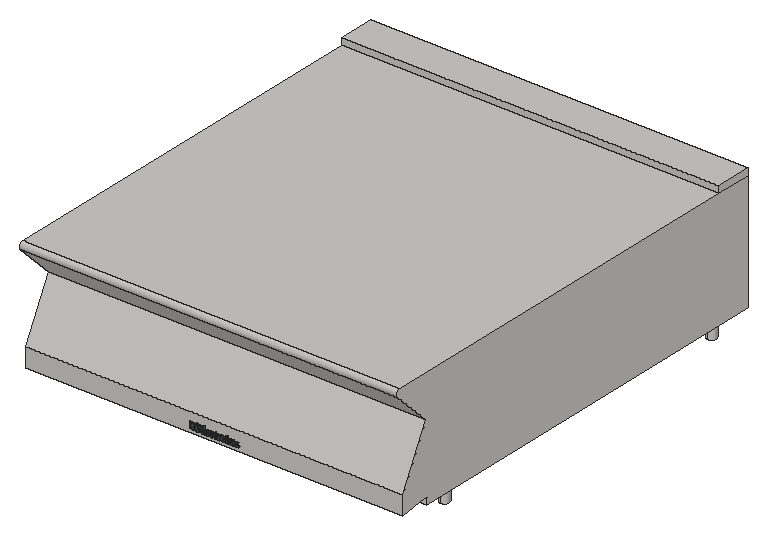
Revit family "QF_ELECTROLUXPROFESSIONAL_391160_E9WTNHN000", category Specialty Equipment, Revit 2018
Family settings
  Round Connector Dimension = Use Diameter
  Part Type = Normal
  Work Plane-Based = No
  Always vertical = Yes
  Cut with Voids When Loaded = No
  Shared = No
  Room Calculation Point = No
Parameters
  Width = 800 mm  # constant formula
  Weight in Pounds = 44
  URL Cutsheet = "www.electrolux.com"
  URL = "www.electrolux.com"
  Type Mark [instance] = ""
  Status [instance] = ""
  Specification by User [instance] = ""
  Specification by Manufacturer = ""
  Show Logo [instance] = yes
  Serial Number = ""
  Seismic Rating = ""
  SMACNA No = ""
  Revision Code [instance] = ""
  Omniclass Number and Title = ""
  NAFEM Spec ID Number = ""
  Model = "391160"
  Masterspec = ""
  Manufacturer = "ELECTROLUX"
  Item Number [instance] = ""
  Installed By [instance] = ""
  Identify Quantity as Lot [instance] = yes
  Height = 289 mm  # constant formula
  Furnished By [instance] = ""
  Foodservice Equipment Identifier [instance] = yes
  Direct Waste Size = 0"
  Description = "900XP AMBIENT WORKTOP-800MM"
  Depth = 930 mm  # constant formula
  CSI MasterFormat = ""
  CSI Master Format = ""
  Base Height = 24 mm  # constant formula
Reference planes
  plane 1 "BACK": y = 0
  plane 2: z = 0
  plane 3 "LEFT": x = 0
  plane 4 "RIGHT": x = 800
  plane 5 "FRONT": y = -930
  plane 6 "TOP": z = 274.638
  plane 7 "Center Y": x = 400
  plane 8 "Center X": y = -465
  plane 9: z = 24
  plane 10: z = 289
  plane 11: y = -82
  plane 12: y = -790
Forms (mm)
  Extrusion 1, solid, material "QF_Finishes_Stainless Steel"
    sketch origin (0, 0, 0) x (0, 1, 0) y (0, 0, 1)
      loop
        line (0, 24) -> (0, 274.637) -> (-921.37, 274.638)
        arc (-921.37, 274.638) -> (-929.343, 269.31) -> (-927.472, 259.906) r 8.63
        line (-927.472, 259.906) -> (-853.91, 186.343) -> (-914.833, 70.673) -> (-914.833, 30.491) -> (-855.71, 38.8)
        arc (-855.71, 38.8) -> (-853.185, 38.052) -> (-852.093, 35.656) r 3.175
        line (-852.093, 35.656) -> (-852.093, 24) -> (0, 24)
    from 0 to 800
  Extrusion 2, solid, material "QF_Finishes_Stainless Steel"
    sketch origin (0, -199.871, 0) x (1, 0, 0) y (0, 1, 0)
      loop
        circle (11.112, 117.871) r 9.525
      loop
        circle (788.888, 117.871) r 9.525
      loop
        circle (11.112, -590.129) r 9.525
      loop
        circle (788.888, -590.129) r 9.525
    from 0 to 23.812
  Extrusion 3, solid, material "QF_Finishes_Stainless Steel"
    sketch origin (0, -199.871, 0) x (0, 1, 0) y (0, 0, 1)
      loop
        line (199.871, 274.638) -> (199.871, 289) -> (123.671, 289) -> (123.671, 274.638) -> (199.871, 274.638)
    from 0 to 800
  Extrusion 4, solid, material "QF_Finishes_Navy Blue", visible <- "Show Logo"
    sketch origin (0, -914.833, 30.491) x (0, 0, 1) y (-1, 0, 0)
      loop
        line (21.086, -357.439) -> (8.72, -357.439)
        arc (8.72, -357.439) -> (14.903, -362.01) -> (21.086, -357.439) r 6.467
      loop
        arc (21.086, -356.81) -> (19.917, -351.667) -> (15.261, -349.189) r 6.338
        line (15.261, -349.189) -> (15.261, -351.235)
        arc (15.261, -351.235) -> (16.745, -354.89) -> (20.191, -356.81) r 5.941
        line (20.191, -356.81) -> (21.086, -356.81)
      loop
        arc (9.615, -356.81) -> (13.061, -354.89) -> (14.544, -351.235) r 5.941
        line (14.544, -351.235) -> (14.544, -349.189)
        arc (14.544, -349.189) -> (9.85, -351.663) -> (8.561, -356.81) r 6.504
        line (8.561, -356.81) -> (9.615, -356.81)
      loop
        line (21.761, -348.72) -> (8.017, -348.72) -> (8.017, -362.483) -> (21.761, -362.483) -> (21.761, -348.72)
      loop
        arc (21.845, -365.45) -> (21.497, -365.093) -> (21.13, -365.431) r 0.358
        arc (21.13, -365.431) -> (20.816, -366.181) -> (20.099, -366.566) r 1.216
        line (20.099, -366.566) -> (9.686, -366.566)
        arc (9.686, -366.566) -> (9.026, -366.288) -> (8.63, -365.692) r 1.238
        arc (8.63, -365.692) -> (8.236, -365.441) -> (7.93, -365.795) r 0.358
        line (7.93, -365.795) -> (7.93, -375.674) -> (10.681, -375.674) -> (10.681, -374.777)
        arc (10.681, -374.777) -> (9.772, -374.197) -> (9.316, -373.22) r 1.928
        line (9.316, -373.22) -> (9.316, -370.721)
        arc (9.316, -370.721) -> (9.592, -369.992) -> (10.281, -369.628) r 1.101
        line (10.281, -369.628) -> (14.367, -369.628) -> (14.367, -373.301)
        arc (14.367, -373.301) -> (14.014, -373.798) -> (13.449, -374.026) r 1.083
        arc (13.449, -374.026) -> (13.186, -374.332) -> (13.478, -374.61) r 0.292
        line (13.478, -374.61) -> (16.44, -374.61)
        arc (16.44, -374.61) -> (16.743, -374.337) -> (16.504, -374.007) r 0.305
        arc (16.504, -374.007) -> (16.014, -373.759) -> (15.709, -373.301) r 1.083
        line (15.709, -373.301) -> (15.709, -369.628) -> (20.386, -369.628) -> (20.386, -373.375)
        arc (20.386, -373.375) -> (20.172, -374.131) -> (19.565, -374.629) r 1.314
        arc (19.565, -374.629) -> (19.346, -375.033) -> (19.7, -375.325) r 0.361
        line (19.7, -375.325) -> (21.845, -375.325) -> (21.845, -365.45)
      loop
        arc (21.127, -376.106) -> (20.747, -377.024) -> (19.828, -377.405) r 1.299
        line (19.828, -377.405) -> (10.249, -377.405)
        arc (10.249, -377.405) -> (9.412, -377.027) -> (9.14, -376.149) r 1.118
        line (9.14, -376.149) -> (7.93, -376.149) -> (7.93, -381.499) -> (9.119, -381.499)
        arc (9.119, -381.499) -> (9.39, -380.582) -> (10.26, -380.186) r 1.153
        line (10.26, -380.186) -> (22.332, -380.186) -> (21.127, -376.106)
      loop
        line (12.895, -384.135) -> (12.895, -390.582) -> (13.694, -390.582)
        arc (13.694, -390.582) -> (16.275, -389.598) -> (17.543, -387.144) r 3.874
        line (17.543, -387.144) -> (17.543, -385.384)
        arc (17.543, -385.384) -> (16.357, -382.519) -> (13.492, -381.333) r 4.051
        line (13.492, -381.333) -> (11.484, -381.333)
        arc (11.484, -381.333) -> (8.666, -382.818) -> (7.614, -385.825) r 4.352
        arc (7.614, -385.825) -> (7.978, -388.288) -> (9.356, -390.362) r 5.713
        line (9.356, -390.362) -> (10.305, -390.362)
        arc (10.305, -390.362) -> (9.572, -388.793) -> (9.356, -387.075) r 5.579
        arc (9.356, -387.075) -> (10.15, -385.112) -> (12.029, -384.135) r 3.057
        line (12.029, -384.135) -> (12.895, -384.135)
      loop
        line (14.154, -384.135) -> (14.154, -387.717)
        arc (14.154, -387.717) -> (15.611, -387.764) -> (16.494, -386.605) r 1.59
        line (16.494, -386.605) -> (16.494, -385.775)
        arc (16.494, -385.775) -> (15.63, -384.52) -> (14.154, -384.135) r 2.184
      loop
        arc (16.945, -400) -> (17.434, -398.326) -> (17.592, -396.589) r 9.023
        line (17.592, -396.589) -> (17.592, -395.226)
        arc (17.592, -395.226) -> (16.432, -392.427) -> (13.633, -391.267) r 3.959
        line (13.633, -391.267) -> (11.032, -391.267)
        arc (11.032, -391.267) -> (8.751, -392.56) -> (7.633, -394.933) r 4.331
        line (7.633, -394.933) -> (7.633, -397.068)
        arc (7.633, -397.068) -> (8.141, -398.618) -> (9.063, -399.964) r 5.772
        arc (9.063, -399.964) -> (9.825, -400.015) -> (9.911, -399.256) r 0.553
        arc (9.911, -399.256) -> (9.523, -398.522) -> (9.389, -397.703) r 2.573
        line (9.389, -397.703) -> (9.389, -396.188)
        arc (9.389, -396.188) -> (10.395, -394.546) -> (12.21, -393.904) r 2.884
        line (12.21, -393.904) -> (13.489, -393.904)
        arc (13.489, -393.904) -> (15.31, -394.464) -> (16.236, -396.129) r 2.554
        line (16.236, -396.129) -> (16.236, -397.182)
        arc (16.236, -397.182) -> (15.905, -398.11) -> (15.248, -398.845) r 2.564
        arc (15.248, -398.845) -> (15.026, -399.562) -> (15.636, -400) r 0.643
        line (15.636, -400) -> (16.945, -400)
      loop
        line (15.927, -400.27) -> (15.927, -401.771) -> (9.879, -401.771)
        arc (9.879, -401.771) -> (8.291, -402.429) -> (7.633, -404.017) r 2.246
        line (7.633, -404.017) -> (7.633, -405.601)
        arc (7.633, -405.601) -> (7.947, -406.465) -> (8.448, -407.237) r 4.06
        arc (8.448, -407.237) -> (9.18, -407.37) -> (9.431, -406.669) r 0.576
        arc (9.431, -406.669) -> (9.325, -406.143) -> (9.389, -405.611) r 1.69
        arc (9.389, -405.611) -> (9.931, -404.823) -> (10.837, -404.52) r 1.506
        line (10.837, -404.52) -> (15.975, -404.52) -> (15.975, -406.917) -> (16.532, -407.473) -> (17.353, -407.473) -> (17.353, -404.614) -> (20.585, -404.614) -> (15.927, -400.27)
      loop
        line (7.851, -408.371) -> (7.851, -413.758) -> (8.961, -413.758)
        arc (8.961, -413.758) -> (9.355, -412.807) -> (10.306, -412.413) r 1.345
        line (10.306, -412.413) -> (13.922, -412.413)
        arc (13.922, -412.413) -> (14.686, -413.005) -> (14.976, -413.927) r 1.615
        line (14.976, -413.927) -> (14.976, -415.483) -> (17.532, -416.168) -> (17.532, -414.785) -> (15.589, -412.226) -> (17.469, -412.226) -> (17.185, -409.52)
        arc (17.185, -409.52) -> (16.745, -408.99) -> (16.087, -409.191) r 0.621
        arc (16.087, -409.191) -> (15.686, -409.533) -> (15.192, -409.716) r 1.501
        line (15.192, -409.716) -> (10.306, -409.716)
        arc (10.306, -409.716) -> (9.355, -409.322) -> (8.961, -408.371) r 1.345
        line (8.961, -408.371) -> (7.851, -408.371)
      loop
        line (13.952, -415.705) -> (11.26, -415.705)
        arc (11.26, -415.705) -> (8.815, -417.013) -> (7.681, -419.543) r 4.288
        arc (7.681, -419.543) -> (7.617, -420.924) -> (7.681, -422.304) r 15.022
        arc (7.681, -422.304) -> (8.815, -424.835) -> (11.26, -426.142) r 4.288
        line (11.26, -426.142) -> (13.952, -426.142)
        arc (13.952, -426.142) -> (16.398, -424.835) -> (17.532, -422.304) r 4.288
        arc (17.532, -422.304) -> (17.595, -420.924) -> (17.532, -419.543) r 15.022
        arc (17.532, -419.543) -> (16.398, -417.013) -> (13.952, -415.705) r 4.288
      loop
        line (14.157, -418.819) -> (11.056, -418.819)
        arc (11.056, -418.819) -> (8.899, -420.976) -> (11.056, -423.133) r 2.157
        line (11.056, -423.133) -> (14.157, -423.133)
        arc (14.157, -423.133) -> (16.314, -420.976) -> (14.157, -418.819) r 2.157
      loop
        arc (21.138, -426) -> (20.768, -426.894) -> (19.874, -427.265) r 1.264
        line (19.874, -427.265) -> (10.009, -427.265)
        arc (10.009, -427.265) -> (9.139, -426.868) -> (8.868, -425.952) r 1.153
        line (8.868, -425.952) -> (7.93, -425.952) -> (7.93, -431.06) -> (8.858, -431.06)
        arc (8.858, -431.06) -> (9.218, -430.288) -> (10.009, -429.973) r 1.153
        line (10.009, -429.973) -> (22.332, -429.973) -> (21.138, -426)
      loop
        arc (16.258, -430.597) -> (16.059, -431.662) -> (15.09, -432.144) r 1.215
        line (15.09, -432.144) -> (10.07, -432.144)
        arc (10.07, -432.144) -> (8.455, -432.791) -> (7.735, -434.374) r 2.338
        line (7.735, -434.374) -> (7.735, -435.889)
        arc (7.735, -435.889) -> (7.909, -436.893) -> (8.412, -437.779) r 2.979
        line (8.412, -437.779) -> (7.93, -439.576) -> (7.93, -441.264) -> (17.356, -441.264) -> (17.062, -437.061) -> (16.275, -437.061)
        arc (16.275, -437.061) -> (15.92, -437.897) -> (15.167, -438.406) r 1.605
        line (15.167, -438.406) -> (10.064, -438.406)
        arc (10.064, -438.406) -> (9.644, -437.469) -> (9.571, -436.445) r 2.94
        arc (9.571, -436.445) -> (10.132, -435.344) -> (11.286, -434.901) r 1.724
        line (11.286, -434.901) -> (17.482, -434.901) -> (16.258, -430.597)
      loop
        line (17.287, -442.118) -> (15.614, -444.164) -> (12.44, -446.47) -> (8.984, -443.358)
        arc (8.984, -443.358) -> (8.747, -442.964) -> (8.769, -442.505) r 0.789
        line (8.769, -442.505) -> (7.93, -442.505) -> (7.93, -446.05) -> (8.756, -446.05)
        arc (8.756, -446.05) -> (9.099, -445.688) -> (9.589, -445.78) r 0.52
        line (9.589, -445.78) -> (11.389, -447.251) -> (9.27, -448.626)
        arc (9.27, -448.626) -> (8.869, -448.316) -> (8.782, -447.817) r 0.7
        line (8.782, -447.817) -> (7.93, -447.817) -> (7.93, -453.744) -> (8.817, -453.744)
        arc (8.817, -453.744) -> (8.884, -453.085) -> (9.279, -452.553) r 1.247
        line (9.279, -452.553) -> (13.478, -449.272) -> (15.925, -451.326) -> (17.287, -453.068) -> (17.287, -449.344) -> (15.801, -449.767) -> (14.28, -448.49) -> (15.98, -447.3) -> (17.287, -448.076) -> (17.287, -442.118)
    from 0 to 1.644
Lines and regions (mm)
  symbolic lines
    curve 1: line (0, -930, 0) -> (800, -930, 0)
    curve 2: line (0, 0, 0) -> (0, -930, 0)
    curve 3: line (800, 0, 0) -> (0, 0, 0)
    curve 4: line (800, -930, 0) -> (800, 0, 0)
    curve 5: line (0, -76.2, 0) -> (800, -76.2, 0)
    curve 6: line (0, -923.65, 0) -> (800, -923.65, 0)
Dimensions and locks
  equal spacing: plane 3 "LEFT", plane 7 "Center Y", plane 4 "RIGHT"
  "Width": plane 3 "LEFT" to plane 4 "RIGHT"
  equal spacing: plane 5 "FRONT", plane 8 "Center X", plane 1 "BACK"
  "Depth": plane 5 "FRONT" to plane 1 "BACK"
  "Height": plane 10 to level
  "Base Height": plane 9 to level
  Extrusion 1 to plane 9 = 250.637 mm
  plane 9 to plane 2 = 24 mm
  plane 11 to plane 1 "BACK" = 82 mm
  plane 12 to plane 11 = 708 mm
  Extrusion 1 to plane 12 = 124.833 mm
  Extrusion 1 to plane 1 "BACK" = 914.833 mm
  aligned and locked: level to plane 2
  aligned and locked: Extrusion 3 to Extrusion 1
Automatic sketch dimensions
  curve 5 to plane 3 "LEFT" = 0 mm
  plane 1 "BACK" to curve 2 = 0 mm
  curve 6 to plane 4 "RIGHT" = 0 mm
  curve 5 to curve 3 = 76.2 mm
  curve 6 to plane 5 "FRONT" = 6.35 mm
  curve 2 to curve 6 = 6.35 mm
  Extrusion 2 sketch curve to Extrusion 2 sketch curve = 0 mm  (x8)
  plane 3 "LEFT" to Extrusion 2 sketch curve = 11.112 mm  (x2)
  Extrusion 2 sketch curve to plane 4 "RIGHT" = 11.112 mm  (x2)
  Extrusion 2 sketch curve to plane 8 "Center X" = 334.525 mm  (x2)
  Extrusion 2 sketch curve to Extrusion 2 sketch curve = 9.525 mm  (x4)
  plane 1 "BACK" to Extrusion 2 sketch curve = 91.525 mm  (x2)
  Extrusion 3 sketch curve to plane 6 "TOP" = 0 mm
  plane 1 "BACK" to Extrusion 3 sketch curve = 0 mm
  Extrusion 3 sketch curve to plane 10 = 0 mm
  plane 1 "BACK" to Extrusion 3 sketch curve = 76.2 mm
  Extrusion 1 sketch curve to plane 6 "TOP" = 0 mm
  Extrusion 1 sketch curve to plane 9 = 0 mm
  Extrusion 1 sketch curve to plane 1 "BACK" = 0 mm
  plane 9 to Extrusion 1 sketch curve = 11.656 mm
  Extrusion 1 sketch curve to plane 12 = 62.093 mm
  Extrusion 1 sketch curve to plane 12 = 63.91 mm
  Extrusion 1 sketch curve to Extrusion 1 sketch curve = 3.175 mm
  Extrusion 1 sketch curve to Extrusion 1 sketch curve = 0.442 mm
  Extrusion 1 sketch curve to plane 5 "FRONT" = 15.167 mm
  Extrusion 1 sketch curve to plane 5 "FRONT" = 8.63 mm
  Extrusion 1 sketch curve to plane 5 "FRONT" = 2.528 mm
  plane 9 to Extrusion 1 sketch curve = 6.491 mm
  Extrusion 1 sketch curve to Extrusion 1 sketch curve = 40.183 mm
  Extrusion 1 sketch curve to plane 6 "TOP" = 88.295 mm
  Extrusion 1 sketch curve to plane 6 "TOP" = 14.732 mm
  Extrusion 4 sketch curve to plane 7 "Center Y" = 0 mm
  plane 9 to Extrusion 4 sketch curve = 9.063 mm
  plane 9 to Extrusion 4 sketch curve = 14.104 mm
  plane 7 "Center Y" to Extrusion 4 sketch curve = 5.601 mm
  plane 9 to Extrusion 4 sketch curve = 14.124 mm
  Extrusion 4 sketch curve to Extrusion 4 sketch curve = 0 mm  (x28)
  Extrusion 4 sketch curve to Extrusion 4 sketch curve = 5.108 mm  (x2)
  Extrusion 4 sketch curve to Extrusion 4 sketch curve = 0.054 mm
  Extrusion 4 sketch curve to Extrusion 4 sketch curve = 0.218 mm
  Extrusion 4 sketch curve to Extrusion 4 sketch curve = 0.195 mm
  Extrusion 4 sketch curve to Extrusion 4 sketch curve = 0.249 mm
  plane 9 to Extrusion 4 sketch curve = 14.421 mm
  Extrusion 4 sketch curve to Extrusion 4 sketch curve = 0.087 mm
  Extrusion 4 sketch curve to Extrusion 4 sketch curve = 0.358 mm
  Extrusion 4 sketch curve to Extrusion 4 sketch curve = 0.481 mm
  Extrusion 4 sketch curve to Extrusion 4 sketch curve = 0.597 mm
  Extrusion 4 sketch curve to Extrusion 4 sketch curve = 0.544 mm
  Extrusion 4 sketch curve to Extrusion 4 sketch curve = 0.936 mm
  Extrusion 4 sketch curve to Extrusion 4 sketch curve = 0.594 mm
  Extrusion 4 sketch curve to Extrusion 4 sketch curve = 0.343 mm
  Extrusion 4 sketch curve to Extrusion 4 sketch curve = 0.159 mm
  Extrusion 4 sketch curve to Extrusion 4 sketch curve = 0.826 mm
  Extrusion 4 sketch curve to Extrusion 4 sketch curve = 0.839 mm
  Extrusion 4 sketch curve to Extrusion 4 sketch curve = 0.852 mm
  Extrusion 4 sketch curve to Extrusion 4 sketch curve = 0.887 mm
  Extrusion 4 sketch curve to Extrusion 4 sketch curve = 0.928 mm
  Extrusion 4 sketch curve to Extrusion 4 sketch curve = 0.938 mm
  Extrusion 4 sketch curve to Extrusion 4 sketch curve = 0.444 mm
  Extrusion 4 sketch curve to Extrusion 4 sketch curve = 1.11 mm  (x3)
  Extrusion 4 sketch curve to Extrusion 4 sketch curve = 0.215 mm
  Extrusion 4 sketch curve to plane 7 "Center Y" = 0.036 mm
  Extrusion 4 sketch curve to Extrusion 4 sketch curve = 1.43 mm
  Extrusion 4 sketch curve to Extrusion 4 sketch curve = 1.188 mm
  Extrusion 4 sketch curve to Extrusion 4 sketch curve = 1.21 mm  (x2)
  Extrusion 4 sketch curve to Extrusion 4 sketch curve = 0.503 mm
  Extrusion 4 sketch curve to Extrusion 4 sketch curve = 0.488 mm
  Extrusion 4 sketch curve to Extrusion 4 sketch curve = 0.462 mm
  Extrusion 4 sketch curve to Extrusion 4 sketch curve = 1.386 mm
  Extrusion 4 sketch curve to Extrusion 4 sketch curve = 1.742 mm  (x2)
  Extrusion 4 sketch curve to Extrusion 4 sketch curve = 0.821 mm
  Extrusion 4 sketch curve to Extrusion 4 sketch curve = 0.497 mm
  Extrusion 4 sketch curve to Extrusion 4 sketch curve = 0.539 mm
  Extrusion 4 sketch curve to Extrusion 4 sketch curve = 0.686 mm
  Extrusion 4 sketch curve to plane 7 "Center Y" = 0.41 mm
  Extrusion 4 sketch curve to Extrusion 4 sketch curve = 0.408 mm
  Extrusion 4 sketch curve to Extrusion 4 sketch curve = 0.528 mm
  Extrusion 4 sketch curve to Extrusion 4 sketch curve = 1.16 mm
  Extrusion 4 sketch curve to Extrusion 4 sketch curve = 0.329 mm
  Extrusion 4 sketch curve to Extrusion 4 sketch curve = 1.054 mm
  Extrusion 4 sketch curve to Extrusion 4 sketch curve = 1.056 mm
  Extrusion 4 sketch curve to Extrusion 4 sketch curve = 1.185 mm
  Extrusion 4 sketch curve to Extrusion 4 sketch curve = 0.489 mm
  Extrusion 4 sketch curve to Extrusion 4 sketch curve = 0.441 mm
  Extrusion 4 sketch curve to Extrusion 4 sketch curve = 1.151 mm
  Extrusion 4 sketch curve to Extrusion 4 sketch curve = 1.141 mm  (x2)
  Extrusion 4 sketch curve to Extrusion 4 sketch curve = 0.768 mm
  Extrusion 4 sketch curve to Extrusion 4 sketch curve = 1.653 mm
  Extrusion 4 sketch curve to Extrusion 4 sketch curve = 0.499 mm
  Extrusion 4 sketch curve to Extrusion 4 sketch curve = 0.964 mm
  Extrusion 4 sketch curve to Extrusion 4 sketch curve = 0.949 mm
  Extrusion 4 sketch curve to Extrusion 4 sketch curve = 1.345 mm  (x2)
  Extrusion 4 sketch curve to Extrusion 4 sketch curve = 1.101 mm
  Extrusion 4 sketch curve to Extrusion 4 sketch curve = 0.432 mm
  Extrusion 4 sketch curve to Extrusion 4 sketch curve = 1.142 mm
  Extrusion 4 sketch curve to Extrusion 4 sketch curve = 0.959 mm
  Extrusion 4 sketch curve to Extrusion 4 sketch curve = 0.176 mm
  Extrusion 4 sketch curve to Extrusion 4 sketch curve = 0.728 mm
  Extrusion 4 sketch curve to Extrusion 4 sketch curve = 3.375 mm  (x2)
  Extrusion 4 sketch curve to Extrusion 4 sketch curve = 1.905 mm
  Extrusion 4 sketch curve to Extrusion 4 sketch curve = 0.955 mm
  Extrusion 4 sketch curve to Extrusion 4 sketch curve = 1.251 mm
  Extrusion 4 sketch curve to Extrusion 4 sketch curve = 0.572 mm
  Extrusion 4 sketch curve to Extrusion 4 sketch curve = 1.92 mm
  Extrusion 4 sketch curve to Extrusion 4 sketch curve = 1.224 mm
  Extrusion 4 sketch curve to Extrusion 4 sketch curve = 0.745 mm
  Extrusion 4 sketch curve to Extrusion 4 sketch curve = 0.036 mm
  Extrusion 4 sketch curve to Extrusion 4 sketch curve = 0.896 mm  (x3)
  Extrusion 4 sketch curve to Extrusion 4 sketch curve = 2.607 mm
  Extrusion 4 sketch curve to Extrusion 4 sketch curve = 0.066 mm
  Extrusion 4 sketch curve to Extrusion 4 sketch curve = 0.248 mm
  Extrusion 4 sketch curve to Extrusion 4 sketch curve = 0.449 mm
  Extrusion 4 sketch curve to Extrusion 4 sketch curve = 1.052 mm
  Extrusion 4 sketch curve to Extrusion 4 sketch curve = 1.863 mm
  Extrusion 4 sketch curve to Extrusion 4 sketch curve = 1.31 mm  (x2)
  Extrusion 4 sketch curve to Extrusion 4 sketch curve = 0.901 mm
  Extrusion 4 sketch curve to Extrusion 4 sketch curve = 1.107 mm
  Extrusion 4 sketch curve to Extrusion 4 sketch curve = 2.122 mm
  Extrusion 4 sketch curve to Extrusion 4 sketch curve = 2.101 mm
  Extrusion 4 sketch curve to Extrusion 4 sketch curve = 0.106 mm
  Extrusion 4 sketch curve to Extrusion 4 sketch curve = 0.029 mm
  Extrusion 4 sketch curve to Extrusion 4 sketch curve = 2.09 mm
  Extrusion 4 sketch curve to Extrusion 4 sketch curve = 1.279 mm
  Extrusion 4 sketch curve to Extrusion 4 sketch curve = 2.008 mm
  Extrusion 4 sketch curve to Extrusion 4 sketch curve = 0.738 mm
  Extrusion 4 sketch curve to Extrusion 4 sketch curve = 0.382 mm
  Extrusion 4 sketch curve to Extrusion 4 sketch curve = 0.384 mm
  Extrusion 4 sketch curve to Extrusion 4 sketch curve = 0.002 mm
  Extrusion 4 sketch curve to Extrusion 4 sketch curve = 0.561 mm
  Extrusion 4 sketch curve to Extrusion 4 sketch curve = 0.592 mm
  Extrusion 4 sketch curve to Extrusion 4 sketch curve = 2.692 mm
  Extrusion 4 sketch curve to Extrusion 4 sketch curve = 1.259 mm
  Extrusion 4 sketch curve to Extrusion 4 sketch curve = 0.802 mm
  Extrusion 4 sketch curve to Extrusion 4 sketch curve = 1.024 mm  (x2)
  Extrusion 4 sketch curve to Extrusion 4 sketch curve = 0.682 mm
  Extrusion 4 sketch curve to Extrusion 4 sketch curve = 5.934 mm
  Extrusion 4 sketch curve to Extrusion 4 sketch curve = 2.186 mm
  Extrusion 4 sketch curve to Extrusion 4 sketch curve = 0.337 mm
  Extrusion 4 sketch curve to Extrusion 4 sketch curve = 0.021 mm
  Extrusion 4 sketch curve to Extrusion 4 sketch curve = 1.005 mm
  Extrusion 4 sketch curve to Extrusion 4 sketch curve = 0.552 mm
  Extrusion 4 sketch curve to Extrusion 4 sketch curve = 0.778 mm
  Extrusion 4 sketch curve to Extrusion 4 sketch curve = 0.063 mm
  Extrusion 4 sketch curve to Extrusion 4 sketch curve = 1.023 mm
  Extrusion 4 sketch curve to Extrusion 4 sketch curve = 3.804 mm
  Extrusion 4 sketch curve to Extrusion 4 sketch curve = 0.486 mm
  Extrusion 4 sketch curve to Extrusion 4 sketch curve = 0.266 mm  (x2)
  Extrusion 4 sketch curve to plane 7 "Center Y" = 1.155 mm
  Extrusion 4 sketch curve to Extrusion 4 sketch curve = 1.547 mm
  Extrusion 4 sketch curve to Extrusion 4 sketch curve = 0.717 mm  (x2)
  Extrusion 4 sketch curve to Extrusion 4 sketch curve = 1.667 mm
  Extrusion 4 sketch curve to Extrusion 4 sketch curve = 3.174 mm
  Extrusion 4 sketch curve to Extrusion 4 sketch curve = 0.388 mm
  Extrusion 4 sketch curve to Extrusion 4 sketch curve = 1.342 mm
  Extrusion 4 sketch curve to Extrusion 4 sketch curve = 1.521 mm
  Extrusion 4 sketch curve to Extrusion 4 sketch curve = 0.124 mm
  Extrusion 4 sketch curve to Extrusion 4 sketch curve = 0.291 mm
  plane 7 "Center Y" to Extrusion 4 sketch curve = 6.917 mm
  Extrusion 4 sketch curve to Extrusion 4 sketch curve = 1.049 mm  (x2)
  Extrusion 4 sketch curve to Extrusion 4 sketch curve = 1.7 mm
  Extrusion 4 sketch curve to Extrusion 4 sketch curve = 0.894 mm
  Extrusion 4 sketch curve to Extrusion 4 sketch curve = 0.989 mm
  Extrusion 4 sketch curve to Extrusion 4 sketch curve = 1.168 mm
  Extrusion 4 sketch curve to Extrusion 4 sketch curve = 1.594 mm
  Extrusion 4 sketch curve to Extrusion 4 sketch curve = 0.731 mm
  Extrusion 4 sketch curve to Extrusion 4 sketch curve = 1.566 mm
  Extrusion 4 sketch curve to Extrusion 4 sketch curve = 0.064 mm
  plane 7 "Center Y" to Extrusion 4 sketch curve = 7.473 mm
  Extrusion 4 sketch curve to Extrusion 4 sketch curve = 0.556 mm  (x2)
  Extrusion 4 sketch curve to Extrusion 4 sketch curve = 0.48 mm
  Extrusion 4 sketch curve to Extrusion 4 sketch curve = 1.018 mm
  Extrusion 4 sketch curve to Extrusion 4 sketch curve = 0.787 mm
  Extrusion 4 sketch curve to Extrusion 4 sketch curve = 0.618 mm
  Extrusion 4 sketch curve to Extrusion 4 sketch curve = 1.672 mm
  Extrusion 4 sketch curve to Extrusion 4 sketch curve = 1.361 mm
  Extrusion 4 sketch curve to Extrusion 4 sketch curve = 0.822 mm
  Extrusion 4 sketch curve to Extrusion 4 sketch curve = 0.069 mm
  Extrusion 4 sketch curve to Extrusion 4 sketch curve = 1.88 mm
  Extrusion 4 sketch curve to Extrusion 4 sketch curve = 0.42 mm
  Extrusion 4 sketch curve to Extrusion 4 sketch curve = 0.062 mm
  Extrusion 4 sketch curve to Extrusion 4 sketch curve = 1.355 mm
  Extrusion 4 sketch curve to Extrusion 4 sketch curve = 2.34 mm
  Extrusion 4 sketch curve to Extrusion 4 sketch curve = 0.493 mm
  Extrusion 4 sketch curve to Extrusion 4 sketch curve = 0.136 mm
  Extrusion 4 sketch curve to Extrusion 4 sketch curve = 0.128 mm
  Extrusion 4 sketch curve to Extrusion 4 sketch curve = 3.616 mm
  Extrusion 4 sketch curve to Extrusion 4 sketch curve = 4.207 mm
  Extrusion 4 sketch curve to Extrusion 4 sketch curve = 0.183 mm
  Extrusion 4 sketch curve to Extrusion 4 sketch curve = 0.895 mm
  Extrusion 4 sketch curve to Extrusion 4 sketch curve = 1.314 mm
  Extrusion 4 sketch curve to Extrusion 4 sketch curve = 3.231 mm
  Extrusion 4 sketch curve to Extrusion 4 sketch curve = 1.299 mm
  Extrusion 4 sketch curve to Extrusion 4 sketch curve = 1.214 mm
  Extrusion 4 sketch curve to Extrusion 4 sketch curve = 1.264 mm
  Extrusion 4 sketch curve to Extrusion 4 sketch curve = 0.109 mm
  Extrusion 4 sketch curve to Extrusion 4 sketch curve = 0.357 mm
  Extrusion 4 sketch curve to Extrusion 4 sketch curve = 0.565 mm
  Extrusion 4 sketch curve to Extrusion 4 sketch curve = 2.504 mm
  Extrusion 4 sketch curve to Extrusion 4 sketch curve = 2.459 mm
  Extrusion 4 sketch curve to Extrusion 4 sketch curve = 1.322 mm
  Extrusion 4 sketch curve to Extrusion 4 sketch curve = 2.77 mm
  Extrusion 4 sketch curve to Extrusion 4 sketch curve = 2.51 mm
  Extrusion 4 sketch curve to Extrusion 4 sketch curve = 0.187 mm
  Extrusion 4 sketch curve to Extrusion 4 sketch curve = 2.559 mm
  Extrusion 4 sketch curve to Extrusion 4 sketch curve = 1.556 mm
  Extrusion 4 sketch curve to Extrusion 4 sketch curve = 0.222 mm
  Extrusion 4 sketch curve to Extrusion 4 sketch curve = 1.383 mm
  Extrusion 4 sketch curve to Extrusion 4 sketch curve = 3.114 mm
  Extrusion 4 sketch curve to Extrusion 4 sketch curve = 3.376 mm
  Extrusion 4 sketch curve to Extrusion 4 sketch curve = 0.934 mm
  Extrusion 4 sketch curve to Extrusion 4 sketch curve = 0.191 mm
  Extrusion 4 sketch curve to Extrusion 4 sketch curve = 3.696 mm
  Extrusion 4 sketch curve to Extrusion 4 sketch curve = 2.708 mm
  Extrusion 4 sketch curve to Extrusion 4 sketch curve = 3.333 mm
  Extrusion 4 sketch curve to Extrusion 4 sketch curve = 0.332 mm
  Extrusion 4 sketch curve to Extrusion 4 sketch curve = 1.087 mm
  Extrusion 4 sketch curve to Extrusion 4 sketch curve = 2.23 mm
  Extrusion 4 sketch curve to Extrusion 4 sketch curve = 2.757 mm
  Extrusion 4 sketch curve to Extrusion 4 sketch curve = 0.987 mm
  Extrusion 4 sketch curve to Extrusion 4 sketch curve = 1.529 mm
  Extrusion 4 sketch curve to Extrusion 4 sketch curve = 1.796 mm
  Extrusion 4 sketch curve to Extrusion 4 sketch curve = 2.859 mm
  Extrusion 4 sketch curve to Extrusion 4 sketch curve = 0.853 mm
  Extrusion 4 sketch curve to Extrusion 4 sketch curve = 1.241 mm
  Extrusion 4 sketch curve to Extrusion 4 sketch curve = 2.046 mm  (x2)
  Extrusion 4 sketch curve to Extrusion 4 sketch curve = 2.422 mm
  Extrusion 4 sketch curve to Extrusion 4 sketch curve = 0.27 mm
  Extrusion 4 sketch curve to Extrusion 4 sketch curve = 0.69 mm
  Extrusion 4 sketch curve to Extrusion 4 sketch curve = 0.781 mm  (x2)
  Extrusion 4 sketch curve to Extrusion 4 sketch curve = 3.136 mm
  Extrusion 4 sketch curve to Extrusion 4 sketch curve = 1.767 mm
  Extrusion 4 sketch curve to Extrusion 4 sketch curve = 0.138 mm
  Extrusion 4 sketch curve to Extrusion 4 sketch curve = 0.777 mm
  Extrusion 4 sketch curve to Extrusion 4 sketch curve = 1.19 mm
  Extrusion 4 sketch curve to Extrusion 4 sketch curve = 0.782 mm
  Extrusion 4 sketch curve to Extrusion 4 sketch curve = 1.268 mm
  Extrusion 4 sketch curve to Extrusion 4 sketch curve = 0.422 mm  (x2)
  Extrusion 4 sketch curve to Extrusion 4 sketch curve = 1.559 mm
  Extrusion 4 sketch curve to Extrusion 4 sketch curve = 3.927 mm
  Extrusion 4 sketch curve to Extrusion 4 sketch curve = 0.983 mm
  Extrusion 4 sketch curve to Extrusion 4 sketch curve = 1.134 mm
  Extrusion 4 sketch curve to Extrusion 4 sketch curve = 0.094 mm
  Extrusion 4 sketch curve to Extrusion 4 sketch curve = 1.584 mm
  plane 7 "Center Y" to Extrusion 4 sketch curve = 0.27 mm
  Extrusion 4 sketch curve to Extrusion 4 sketch curve = 0.916 mm
  Extrusion 4 sketch curve to Extrusion 4 sketch curve = 0.352 mm
  Extrusion 4 sketch curve to Extrusion 4 sketch curve = 0.458 mm
  Extrusion 4 sketch curve to Extrusion 4 sketch curve = 1.282 mm
  Extrusion 4 sketch curve to Extrusion 4 sketch curve = 1.363 mm
  Extrusion 4 sketch curve to Extrusion 4 sketch curve = 0.685 mm
  Extrusion 4 sketch curve to Extrusion 4 sketch curve = 0.905 mm
  Extrusion 4 sketch curve to Extrusion 4 sketch curve = 2.865 mm
  Extrusion 4 sketch curve to Extrusion 4 sketch curve = 0.472 mm
  Extrusion 4 sketch curve to Extrusion 4 sketch curve = 0.101 mm
  Extrusion 4 sketch curve to Extrusion 4 sketch curve = 0.54 mm
  Extrusion 4 sketch curve to Extrusion 4 sketch curve = 0.02 mm
  Extrusion 4 sketch curve to Extrusion 4 sketch curve = 0.468 mm
  Extrusion 4 sketch curve to Extrusion 4 sketch curve = 0.829 mm
  Extrusion 4 sketch curve to Extrusion 4 sketch curve = 0.582 mm
  Extrusion 4 sketch curve to Extrusion 4 sketch curve = 0.166 mm
  Extrusion 4 sketch curve to Extrusion 4 sketch curve = 0.16 mm
  Extrusion 4 sketch curve to Extrusion 4 sketch curve = 2.781 mm
  Extrusion 4 sketch curve to Extrusion 4 sketch curve = 1.118 mm
  Extrusion 4 sketch curve to Extrusion 4 sketch curve = 0.613 mm
  Extrusion 4 sketch curve to Extrusion 4 sketch curve = 0.361 mm
  Extrusion 4 sketch curve to Extrusion 4 sketch curve = 0.897 mm
  Extrusion 4 sketch curve to Extrusion 4 sketch curve = 0.167 mm
  Extrusion 4 sketch curve to Extrusion 4 sketch curve = 0.292 mm
  Extrusion 4 sketch curve to Extrusion 4 sketch curve = 0.305 mm
  Extrusion 4 sketch curve to Extrusion 4 sketch curve = 1.557 mm
  Extrusion 4 sketch curve to Extrusion 4 sketch curve = 2.499 mm
  Extrusion 4 sketch curve to Extrusion 4 sketch curve = 3.062 mm
  Extrusion 4 sketch curve to Extrusion 4 sketch curve = 2.968 mm
  Extrusion 4 sketch curve to Extrusion 4 sketch curve = 5.044 mm
  Extrusion 4 sketch curve to Extrusion 4 sketch curve = 0.629 mm  (x2)
  Extrusion 4 sketch curve to Extrusion 4 sketch curve = 1.131 mm
  Extrusion 4 sketch curve to Extrusion 4 sketch curve = 0.137 mm
  Extrusion 4 sketch curve to Extrusion 4 sketch curve = 0.027 mm
  Extrusion 4 sketch curve to Extrusion 4 sketch curve = 2.235 mm
